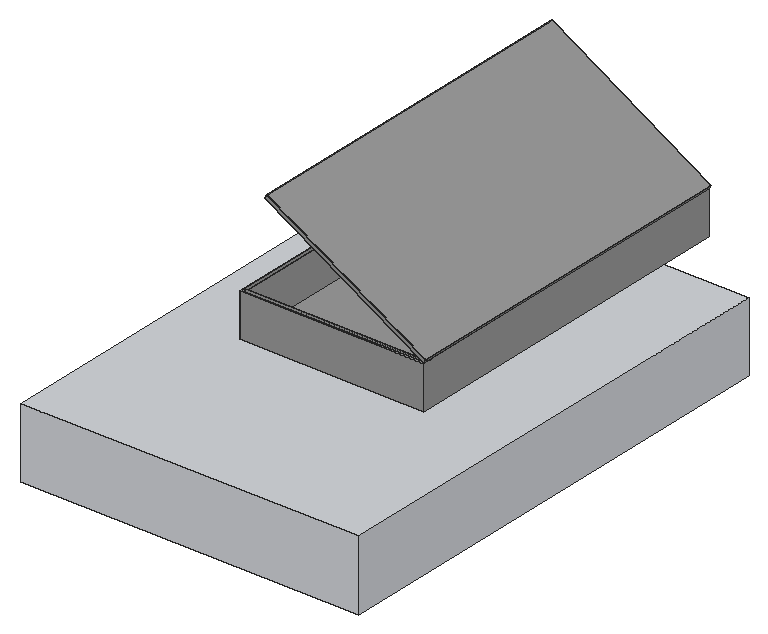
Revit family "Hager-Univers-IP44-D205-H1550-Cl.II-Encl-PT-pt", category Equipement électrique, Revit 2020
Family settings
  Hôte = Face
  Configuration du panneau = Deux colonnes, circuits au sein
  Cote de connecteur circulaire = Utiliser le diamètre
  Type d'élément = Tableau de raccordement
  Couper avec des vides une fois chargée = Non
  Partagée = Non
  Point de calcul de pièce = Non
Parameters (values of type "Montagem em superfície (gesso) IP44 L800 A1550 P205  - FP03SN2")
  Width Control [instance] = if([EF000008 - Largura] > Min Width, [EF000008 - Largura], Min Width)  # 800 mm
  Commentaires du type = [HG000003 - Gama]  # "Univers"
  Thickness Door [instance] = if([EF009171 - Espessura do material da porta/tampa] > 3 mm, 3 mm, [EF009171 - Espessura do material da porta/tampa])  # 1 mm
  Seal Frame Offset [instance] = 17 mm  # constant formula
  Plinth Visibility [instance] = [HG000027 - Altura da Plinta] > 0 mm  # no
  Model = ""
  Min Width [instance] = 100 mm  # constant formula
  Min Height [instance] = 100 mm  # constant formula
  Min Depth [instance] = (2 * [EF009170 - Espessura do material do invólucro]) + 1 mm  # 3 mm
  Internal Frame Depth [instance] = (Door System Depth * 0.5)  # 9 mm
  Height Control [instance] = if([EF000040 - Altura] > Min Height, [EF000040 - Altura], Min Height)  # 1550 mm
  HG000027 - Altura da Plinta = 0 mm
  HG000026 - Instalação no chão = no
  HG000024 - Altura da secção inferior = 800 mm
  HG000023 - Recinto de secção dupla = no
  HG000016 - Visibilidade da porta 3D [instance] = yes
  HG000015 - Visibilidade através da porta [instance] = no
  HG000014 - Porta à direita [instance] = yes
  HG000013 - Porta à esquerda [instance] = not([HG000014 - Porta à direita])  # no
  HG000012 - Ângulo de abertura de porta [instance] = 30.00°
  HG000010 - Portas assimétricas = no
  HG000009 - Porta dupla = no
  HG000006 - Encastrado = no
  HG000004 - Referência do Fabricante = "FP03SN2"
  HG000003 - Gama = "Univers"
  HG000002 - Com porta ou tampa = yes
  Frame Offset Bottom [instance] = 10 mm  # constant formula
  Frame Offset [instance] = 15 mm  # constant formula
  EF015940 - Tampa com libertação de sobrepressão = no
  EF011959 - Grau de proteção (NEMA) = ""
  EF009554 - Número de aberturas para placas de flange = 6
  Fabricant = "Hager"  # constant formula
  EF009212 - Tipo de tampa = "EV000116 - Fechado"
  EF009171 - Espessura do material da porta/tampa = 1 mm
  EF009170 - Espessura do material do invólucro = 1 mm
  EF008873 - Corrente nominal (In) = 250 A
  EF007800 - Adequado para proteção contra raios = no
  EF006306 - Com fecho = no
  EF006244 - Tampa/porta transparente = no
  EF005474 - Grau de proteção (IP) = "EV006418 - IP44"
  EF004464 - Tipo de porta = "EV002646 - Único"
  EF004427 - Número de módulos = 360
  EF004293 - Força de impacto = "EV006815 - IK09"
  EF003532 - Adequado para uso no exterior = no
  EF002950 - Largura em número de módulos = 36
  EF001613 - Integridade do circuito = "EV000494 - Nenhum"
  EF001596 - Material do corpo = "EV000179 - Aço"
  EF001131 - Profundidade interior = 143 mm
  EF001088 - Extensão possível = yes
  EF000437 - Número de entradas de condutores = 6
  EF000339 - Tipo de difusor = "EV001012 - Tampa"
  EF000266 - Número de linhas = 10
  EF000218 - Profundidade incorporada = 205 mm
  EF000118 - Com tampa de montagem = no
  EF000116 - Número RAL = "9010"
  EF000049 - Profundidade = 205 mm
  EF000040 - Altura = 1550 mm
  EF000008 - Largura = 800 mm
  EF000007 - Cor = "EV000202 - Branco"
  EF000003 - Método de montagem = "EV000384 - Montagem em superfície (gesso)"
  Door System Leaf Tolerance [instance] = 1.5 mm  # constant formula
  Door System Depth [instance] = 18 mm  # constant formula
  Door Height [instance] = Height Control - [HG000027 - Altura da Plinta]  # 1550 mm
  Depth Control [instance] = if([EF000049 - Profundidade] > Min Depth, [EF000049 - Profundidade], Min Depth)  # 205 mm
  Default Elevation = 0 mm
  Connector Offset [instance] = Height Control / 2  # 775 mm
  Bottom Top Plate Trim [instance] = 1.5 mm  # constant formula
  Plinth height Ctrl [instance] = if([HG000027 - Altura da Plinta] > 0 mm, [HG000027 - Altura da Plinta], 12 mm)  # 12 mm
Types (5, lengths in mm): name | Width Control | HG000009 - Porta dupla | HG000004 - Referência do Fabricante | EF009554 - Número de aberturas para placas de flange | EF008873 - Corrente nominal (In) | EF004464 - Tipo de porta | EF004427 - Número de módulos | EF002950 - Largura em número de módulos | EF001131 - Profundidade interior | EF000437 - Número de entradas de condutores | EF000008 - Largura
  Montagem em superfície (gesso) IP44 L1050 A1550 P205  - FP04SN2 | 1050 | yes | "FP04SN2" | 8 | 400 A | "EV003602 - Duplo" | 480 | 48 | 143 | 8 | 1050
  Montagem em superfície (gesso) IP44 L1300 A1550 P205  - FP05SN2 | 1300 | yes | "FP05SN2" | 10 | 400 A | "EV003602 - Duplo" | 600 | 60 | 143 | 10 | 1300
  Montagem em superfície (gesso) IP44 L300 A1550 P205  - FP01SN2 | 300 | no | "FP01SN2" | 2 | 250 A | "EV002646 - Único" | 120 | 12 | 130 | 2 | 300
  Montagem em superfície (gesso) IP44 L550 A1550 P205  - FP02SN2 | 550 | no | "FP02SN2" | 4 | 250 A | "EV002646 - Único" | 240 | 24 | 143 | 4 | 550
  Montagem em superfície (gesso) IP44 L800 A1550 P205  - FP03SN2 | 800 | no | "FP03SN2" | 6 | 250 A | "EV002646 - Único" | 360 | 36 | 143 | 6 | 800
Reference planes
  plane 1 "Center (Front/Back)": y = 0
  plane 2: z = 0
  plane 3 "Center (Left/Right)": x = 0
  plane 4: z = 205
  plane 5: y = 1
  plane 6: y = 775
  plane 7: y = 0
  plane 8: y = 1550
  plane 9: z = 0
  plane 10: x = -385
  plane 11: x = 385
  plane 12: x = 384
  plane 13: x = -384
  plane 14: y = 1549
  plane 15: x = -383
  plane 16: x = -400
  plane 17: x = 383
  plane 18: x = 400
  plane 19: x = 399
  plane 20: x = -399
  plane 21: y = 11
  plane 22: y = 1550
  plane 23: y = 1534
  plane 24: z = 187
  plane 25: z = 1
  plane 26: z = 186
  plane 27: z = 204
Forms (mm)
  Extrusion 1, solid
    sketch origin (0, 0, 0) x (1, 0, 0) y (0, 1, 0)
      loop
        line (-702.964, 1305) -> (-702.964, -811.445) -> (766.763, -811.445) -> (766.763, 1305) -> (-702.964, 1305)
    from 0 to -304.8
  Extrusion 2, solid, material "Hager_Steel_RAL7035_Light_Grey", visible <- "Plinth Visibility", detail levels medium+fine
    sketch origin (0, 0, 0) x (1, 0, 0) y (0, 1, 0)
      loop
        line (-400, 0) -> (400, 0) -> (400, 12) -> (-400, 12) -> (-400, 0)
    from 0 to 187
  Extrusion 3, solid, material "Hager_Steel_RAL7035_Light_Grey", detail levels medium+fine
    sketch origin (0, 0, 0) x (1, 0, 0) y (0, 1, 0)
      loop
        line (-400, 0) -> (400, 0) -> (400, 1550) -> (-400, 1550) -> (-400, 0)
    from 0 to 187
  Extrusion 4, void
    sketch origin (0, 0, 0) x (1, 0, 0) y (0, 1, 0)
      loop
        line (-399, 1) -> (399, 1) -> (399, 1549) -> (-399, 1549) -> (-399, 1)
    from 1 to 186
  Extrusion 5, void
    sketch origin (-381.607, -4572, 187) x (0, -1, 0) y (-1, 0, 0)
      loop
        line (-4583, 2.393) -> (-6106, 2.393) -> (-6106, -765.607) -> (-4583, -765.607) -> (-4583, 2.393)
    from 0 to 1 <- "EF009170 - Espessura do material do invólucro"
  Extrusion 6, solid, material "Hager_Steel_RAL7035_Light_Grey", detail levels fine
    sketch origin (0, 0, 187) x (1, 0, 0) y (0, 1, 0)
      loop
        line (-384, 1534) -> (-384, 11) -> (384, 11) -> (384, 1534) -> (-384, 1534)
      loop
        line (-385, 10) -> (385, 10) -> (385, 1535) -> (-385, 1535) -> (-385, 10)
    from 0 to 9 <- "Internal Frame Depth"
  Extrusion 7, solid, material "Hager_Steel_RAL7035_Light_Grey", detail levels coarse
    sketch origin (0, 0, 0) x (1, 0, 0) y (0, 1, 0)
      loop
        line (-400, 0) -> (400, 0) -> (400, 1550) -> (-400, 1550) -> (-400, 0)
    from 0 to 205
  Sweep 8, void
    path in 3D
      loop
        line (-400, 12, 0) -> (400, 12, 0) -> (400, 12, 187) -> (-400, 12, 187) -> (-400, 12, 0)
    profile origin (-400, 12, 93.5) x (-1, 0, 0) y (0, -1, 0)
      loop
        line (0, 0) -> (0, 1.5) -> (-1.5, 1.5)
        arc (-1.5, 1.5) -> (-1.061, 0.439) -> (0, 0) r 1.5
Cuts and joins
  Extrusion 4, Extrusion 5 cuts Extrusion 3
  Sweep 8 cuts Extrusion 2
Lines and regions (mm)
  Masking region 1
    outline origin (0, 0, 0) x (1, 0, 0) y (0, 0, 1)
      loop
        line (-400, 205) -> (-400, 0) -> (400, 0) -> (400, 205) -> (-400, 205)
  Masking region 2, detail levels medium+fine
    outline origin (0, 140, 0) x (0, 1, 0) y (0, 0, 1)
      loop
        line (-140, 0) -> (1410, 0) -> (1410, 187) -> (-140, 187) -> (-140, 0)
  Masking region 3, not visible, detail levels medium+fine
    outline origin (0, 297.922, 0) x (0, 1, 0) y (0, 0, 1)
      loop
        line (488.578, 0) -> (528.578, 0) -> (528.578, 194)
        arc (528.578, 194) -> (525.649, 201.071) -> (518.578, 204) r 10
        line (518.578, 204) -> (488.578, 204) -> (488.578, 0)
  Masking region 4, detail levels coarse
    outline origin (0, 0, 180) x (0, 1, 0) y (0, 0, 1)
      loop
        line (0, -180) -> (1550, -180) -> (1550, 25) -> (0, 25) -> (0, -180)
  Masking region 5, visible <- "Plinth Visibility", detail levels medium+fine
    outline origin (0, 52.24, 12.345) x (0, 0, -1) y (0, 1, 0)
      loop
        line (10.845, -40.24) -> (-173.155, -40.24)
        arc (-173.155, -40.24) -> (-173.594, -41.301) -> (-174.655, -41.74) r 1.5
        line (-174.655, -41.74) -> (-174.655, -52.24) -> (12.345, -52.24) -> (12.345, -41.74)
        arc (12.345, -41.74) -> (11.285, -41.301) -> (10.845, -40.24) r 1.5
  Masking region 6, detail levels medium+fine
    outline origin (-381.607, -4572, 187) x (-1, 0, 0) y (0, -1, 0)
      loop
        line (18.393, -6122) -> (18.393, -4572) -> (-781.607, -4572) -> (-781.607, -6122) -> (18.393, -6122)
  Masking region 7, visible <- "Plinth Visibility", detail levels medium+fine
    outline origin (-381.607, -4727, 187) x (-1, 0, 0) y (0, -1, 0)
      loop
        arc (16.893, -4739) -> (17.332, -4737.939) -> (18.393, -4737.5) r 1.5
        line (18.393, -4737.5) -> (18.393, -4727) -> (-781.607, -4727) -> (-781.607, -4737.5)
        arc (-781.607, -4737.5) -> (-780.546, -4737.939) -> (-780.107, -4739) r 1.5
        line (-780.107, -4739) -> (16.893, -4739)
  Masking region 8, detail levels coarse
    outline origin (-442.548, -4669.526, 187) x (-1, 0, 0) y (0, -1, 0)
      loop
        line (-42.548, -6219.526) -> (-42.548, -4669.526) -> (-842.548, -4669.526) -> (-842.548, -6219.526) -> (-42.548, -6219.526)
  sketch lines
    curve 1: line (-400, 12, 187) -> (-400, 12, 0)
    curve 2: line (400, 12, 187) -> (-400, 12, 187)
    curve 3: line (400, 12, 187) -> (400, 12, 0)
    curve 4: line (-400, 12, 0) -> (400, 12, 0)
Dimensions and locks
  "Depth Control": plane 4 to Extrusion 1
  "HG000027 - Altura da Plinta": plane 1 "Center (Front/Back)" to plane 7
  "EF009170 - Espessura do material do invólucro": plane 5 to plane 7
  locked: connector elem to plane 3 "Center (Left/Right)"
  equal spacing: plane 8, plane 6, plane 7
  locked: connector elem to plane 6
  "EF009170 - Espessura do material do invólucro": plane 8 to plane 14
  "EF009170 - Espessura do material do invólucro": plane 10 to plane 13
  "EF009170 - Espessura do material do invólucro": plane 12 to plane 11
  "Frame Offset": plane 20 to plane 13
  "Frame Offset": plane 12 to plane 19
  "EF009170 - Espessura do material do invólucro": plane 16 to plane 20
  "EF009170 - Espessura do material do invólucro": plane 19 to plane 18
  "Seal Frame Offset": plane 16 to plane 15
  "Seal Frame Offset": plane 17 to plane 18
  "Frame Offset Bottom": plane 21 to plane 5
  "Frame Offset": plane 14 to plane 23
  equal spacing: plane 16, plane 3 "Center (Left/Right)", plane 18
  "Width Control": plane 16 to plane 18
  "EF009170 - Espessura do material do invólucro": plane 4 to plane 27
  "EF009170 - Espessura do material do invólucro": plane 24 to plane 26
  "EF009170 - Espessura do material do invólucro": plane 25 to level
  "Door System Depth": plane 4 to plane 24
  "Height Control": plane 1 "Center (Front/Back)" to Extrusion 7 sketch curve
  "Height Control": Masking region 4 sketch curve to plane 1 "Center (Front/Back)"
  "Height Control": plane 1 "Center (Front/Back)" to plane 22
  "Bottom Top Plate Trim": profile plane to Sweep 8 sketch curve
  "Bottom Top Plate Trim": Sweep 8 sketch curve to profile plane
  "Plinth height Ctrl": plane 1 "Center (Front/Back)" to Extrusion 2 sketch curve
  "Plinth height Ctrl": Masking region 5 sketch curve to plane 1 "Center (Front/Back)"
  "Plinth height Ctrl": plane 1 "Center (Front/Back)" to Masking region 7 sketch curve
  "Thickness Door": Extrusion 6 sketch curve to Extrusion 6 sketch curve  (x3)
  "Thickness Door": cut or joined group of Extrusion 3, Extrusion 4, Extrusion 5 to Extrusion 6 sketch curve
  radius of Masking region 3 sketch curve = 10 mm
  "Bottom Top Plate Trim": radius of Masking region 5 sketch curve  (x2)
  "Bottom Top Plate Trim": radius of Sweep 8 sketch curve
  "Bottom Top Plate Trim": radius of Masking region 7 sketch curve  (x2)
  aligned and locked: plane 2 to Extrusion 1
  aligned and locked: level to Extrusion 1
  aligned and locked: level to Masking region 1 sketch curve
  aligned and locked: Masking region 1 sketch curve to plane 18
  aligned and locked: Masking region 1 sketch curve to plane 16
  aligned and locked: plane 7 to Masking region 2 sketch curve
  aligned and locked: level to Masking region 3 sketch curve
  aligned and locked: Masking region 3 sketch curve to plane 27
  aligned and locked: level to Masking region 2 sketch curve
  aligned and locked: plane 1 "Center (Front/Back)" to Extrusion 2 sketch curve
  aligned and locked: Extrusion 3 sketch curve to plane 7
  aligned and locked: plane 16 to Extrusion 3 sketch curve
  aligned and locked: plane 18 to Extrusion 3 sketch curve
  aligned and locked: plane 20 to Extrusion 4 sketch curve
  aligned and locked: plane 19 to Extrusion 4 sketch curve
  aligned and locked: Extrusion 4 sketch curve to plane 5
  aligned and locked: Extrusion 4 to plane 25
  aligned and locked: plane 26 to Extrusion 4
  aligned and locked: plane 24 to Extrusion 3
  aligned and locked: Extrusion 5 sketch curve to plane 21
  aligned and locked: Extrusion 5 sketch curve to plane 13
  aligned and locked: Extrusion 5 sketch curve to plane 12
  aligned and locked: plane 18 to Extrusion 7 sketch curve
  aligned and locked: plane 1 "Center (Front/Back)" to Extrusion 7 sketch curve
  aligned and locked: plane 16 to Extrusion 7 sketch curve
  aligned and locked: plane 4 to Extrusion 7
  aligned and locked: Extrusion 7 to level
  aligned and locked: level to Masking region 4 sketch curve
  aligned and locked: Masking region 4 sketch curve to plane 1 "Center (Front/Back)"
  aligned and locked: Masking region 4 sketch curve to plane 4
  aligned and locked: nested 1 to level
  aligned and locked: nested 1 to plane 16
  aligned and locked: plane 8 to Extrusion 3 sketch curve
  aligned and locked: plane 23 to Extrusion 5 sketch curve
  aligned and locked: plane 14 to Extrusion 4 sketch curve
  aligned and locked: Masking region 2 sketch curve to plane 8
  aligned and locked: level to Masking region 5 sketch curve
  aligned and locked: plane 16 to Extrusion 2 sketch curve
  aligned and locked: plane 18 to Extrusion 2 sketch curve
  aligned and locked: Masking region 5 sketch curve to plane 24
  aligned and locked: Masking region 2 sketch curve to plane 24
  aligned and locked: plane 24 to Extrusion 2
  aligned and locked: profile plane to Sweep 8 sketch curve  (x2)
  aligned and locked: Masking region 6 sketch curve to plane 18
  aligned and locked: Masking region 6 sketch curve to plane 22
  aligned and locked: Masking region 6 sketch curve to plane 16
  aligned and locked: plane 8 to plane 22
  aligned and locked: Masking region 6 sketch curve to plane 7
  aligned and locked: Masking region 7 sketch curve to plane 16
  aligned and locked: Masking region 7 sketch curve to plane 1 "Center (Front/Back)"
  aligned and locked: Masking region 7 sketch curve to plane 18
  aligned and locked: Masking region 8 sketch curve to plane 1 "Center (Front/Back)"
  aligned and locked: Masking region 8 sketch curve to plane 18
  aligned and locked: Masking region 8 sketch curve to plane 22
  aligned and locked: Masking region 8 sketch curve to plane 16
  aligned and locked: nested 2 to plane 7
  aligned and locked: plane 3 "Center (Left/Right)" to nested 2
  aligned and locked: nested 2 to plane 24
  aligned and locked: Extrusion 6 sketch curve to cut or joined group of Extrusion 3, Extrusion 4, Extrusion 5  (x4)
Automatic sketch dimensions
  Extrusion 1 sketch curve to Extrusion 1 sketch curve = 1469.727 mm
  Extrusion 1 sketch curve to Extrusion 1 sketch curve = 2116.445 mm
  Masking region 1 sketch curve to plane 4 = 0 mm
  plane 6 to Masking region 3 sketch curve = 11.5 mm
  Masking region 3 sketch curve to Masking region 3 sketch curve = 30 mm
  Masking region 5 sketch curve to plane 1 "Center (Front/Back)" = 0 mm
Nested families
  nested 1: "Hager_Enclosure_Symbol" at (-400, 0, 0) x (1, 0, 0) z (0, -1, 0), Height <- "Depth Control", Width <- "Width Control", type "Hager_Enclosure_Symbol"
    with Width_Ctrl 800 mm, Width 800 mm, Height_Ctrl 205 mm, Height 205 mm, A_Width_Int 13.453 mm, A_Width 161.438 mm, A_Height_Ctrl 179.375 mm, A_Height 179.375 mm
  nested 2: "EC000058_Univers_Door" at (0, 0, 187) x (1, 0, 0) z (0, 1, 0), Leaf_Tolerance <- "Door System Leaf Tolerance", Angle <- "HG000012 - Ângulo de abertura de porta", Door_Depth <- "Door System Depth", Door_Left <- "HG000013 - Porta à esquerda", Transparent <- "EF006244 - Tampa/porta transparente", Assymetrical <- "HG000010 - Portas assimétricas", Width <- "Width Control", Clearance <- "HG000015 - Visibilidade através da porta", Double <- "HG000009 - Porta dupla", 3d_Door <- "HG000016 - Visibilidade da porta 3D", Lock_Visibility <- "EF006306 - Com fecho", Width_Ctrl <- "Width Control", Door_Right <- "HG000014 - Porta à direita", Door <- "HG000002 - Com porta ou tampa", Height <- "Door Height", Thickness <- "Thickness Door", type "EC000058_Univers_Door", detail levels medium+fine
    with min_wh 3 mm, Width_Ctrl 800 mm, Width 800 mm, Transparent no, Thickness 1 mm, Seal_Material Hager_Rubber, Lock_Visibility no, Lock_Material Hager_Plastic_RAL9005_Jet_Black, Leaf_Width 800 mm, Leaf_Tolerance_External_Sides 0 mm, Leaf_Tolerance 1.5 mm, Leaf_Offset 0 mm, Leaf_Height 1547 mm, Leaf_2_Width 800 mm, Leaf_2_Offset 400 mm, Leaf_1_Width 800 mm, Leaf_1_Offset 400 mm, Height_Ctrl 1550 mm, Height 1550 mm, Glass_Material Hager_Glass, Double_Clearance_Ctrl no, Double no, Door_Right_Ctrl yes, Door_Right yes, Door_Material Hager_Steel_RAL7035_Light_Grey, Door_Left_Ctrl no, Door_Left no, Door_Depth 18 mm, Door yes, Clearance_Material Hager_Clearance, Clearance_Depth 800 mm, Clearance_Ctrl no, Clearance no, Assymetrical no, Angle 30.00°, 3d_Door yes
Connectors
  electrical at (0, 775, 0)
    settings: on plane 9, index 1, voltage 0 V, apparent load 0 VA, apparent load phase1 0 VA, apparent load phase2 0 VA, apparent load phase3 0 VA, power factor 1, load classification "Other", number of poles 1, system type 30, power factor state 1, is connector primary yes, connector utility no, sub classification motor no, connector description ""
Definition of nested family "EC000058_Univers_Door"
  Parameters (values of type "EC000058_Univers_Door")
    min_wh [instance] = (2 * Thickness) + 1 mm  # 11 mm
    Width_Ctrl [instance] = 400 mm
    Width [instance] = 500 mm
    Transparent [instance] = yes
    Thickness [instance] = 5 mm
    Seal_Material [instance] = none
    Lock_Visibility [instance] = yes
    Lock_Material [instance] = none
    Leaf_Width [instance] = if((Width_Ctrl - 2 * Leaf_Tolerance_External_Sides) > 0 mm, (Width_Ctrl - 2 * Leaf_Tolerance_External_Sides), min_wh)  # 400 mm
    Leaf_Tolerance_External_Sides [instance] = 0 mm  # constant formula
    Leaf_Tolerance [instance] = 1.5 mm
    Leaf_Offset [instance] = 0 mm  # constant formula
    Leaf_Height [instance] = if((Height_Ctrl - 2 * Leaf_Tolerance) > 0 mm, (Height_Ctrl - 2 * Leaf_Tolerance), min_wh)  # 497 mm
    Leaf_2_Width [instance] = if(and(and(Double, Assymetrical), Door_Left), (Leaf_Width / 3) - (Leaf_Tolerance / 2), if(and(and(Double, Assymetrical), Door_Right), (Leaf_Width / 3) * 2 - (Leaf_Tolerance / 2), if(and(Double, not(Assymetrical)), (Leaf_Width / 2) - Leaf_Tolerance, Leaf_Width)))  # 400 mm
    Leaf_2_Offset [instance] = if(and(Double, Assymetrical), Leaf_2_Width / 2, if(and(Double, not(Assymetrical)), Leaf_Width / 4, Leaf_Width / 2))  # 200 mm
    Leaf_1_Width [instance] = if(and(and(Double, Assymetrical), Door_Right), (Leaf_Width / 3) - (Leaf_Tolerance / 2), if(and(and(Double, Assymetrical), Door_Left), (Width / 3) * 2 - (Leaf_Tolerance / 2), if(and(Double, not(Assymetrical)), (Leaf_Width / 2) - Leaf_Tolerance, Leaf_Width)))  # 400 mm
    Leaf_1_Offset [instance] = if(and(Double, Assymetrical), Leaf_1_Width / 2, if(and(Double, not(Assymetrical)), Leaf_Width / 4, Leaf_Width / 2))  # 200 mm
    Height_Ctrl [instance] = if(Height > min_wh, Height, min_wh)  # 500 mm
    Height [instance] = 500 mm
    Glass_Material [instance] = none
    Double_Clearance_Ctrl [instance] = and(Double, Clearance)  # no
    Double [instance] = no
    Door_Right_Ctrl [instance] = and(or(Door_Right, Double), Door)  # yes
    Door_Right [instance] = yes
    Door_Material [instance] = none
    Door_Left_Ctrl [instance] = and(or(Door_Left, Double), Door)  # no
    Door_Left [instance] = no
    Door_Depth [instance] = 30 mm
    Door [instance] = yes
    Default Elevation = 1219.2 mm
    Clearance_Material [instance] = none
    Clearance_Depth [instance] = if(Leaf_1_Width > Leaf_2_Width, Leaf_1_Width, Leaf_2_Width)  # 400 mm
    Clearance_Ctrl [instance] = and(not(Double), Clearance)  # yes
    Clearance [instance] = yes
    Assymetrical [instance] = yes
    Angle [instance] = 30.00°
    3d_Door [instance] = yes
  Reference planes
    plane 1 "Center (Front/Back)": y = 0
    plane 2 "Bottom": z = 0
    plane 3 "Center (Left/Right)": x = 0
    plane 4: z = 500
    plane 5: x = -200
    plane 6: x = 200
    plane 7: z = 500
    plane 8: x = -200
    plane 9: z = 0
    plane 10: x = 200
    plane 11: y = 0
    plane 12: z = 1.5
    plane 13: x = -600
    plane 14: y = -400
    plane 15: x = 600
    plane 16: x = 0
    plane 17: x = 0
    plane 18: x = -200
    plane 19: x = 200
    plane 20: z = 498.5
  Forms (mm)
    Extrusion 1, solid, material <- "Clearance_Material", visible <- "Double_Clearance_Ctrl"
      sketch origin (1200, 0, 0) x (1, 0, 0) y (0, 0, -1)
        loop
          line (-1800, -498.5) -> (-600, -498.5) -> (-600, 0) -> (-1800, 0) -> (-1800, -498.5)
      from 0 to -400
  Dimensions and locks
    equal spacing: plane 5, plane 3 "Center (Left/Right)", plane 6
    "Width_Ctrl": plane 5 to plane 6
    "Leaf_Offset": plane 5 to plane 8
    "Leaf_Offset": plane 6 to plane 10
    "Leaf_Offset": plane 9 to level
    "Leaf_Offset": plane 4 to plane 7
    "Height_Ctrl": plane 4 to level
    "Leaf_Tolerance": plane 12 to plane 9
    locked: plane 11 to plane 1 "Center (Front/Back)"
    "Leaf_1_Offset": plane 18 to plane 16
    "Leaf_2_Offset": plane 17 to plane 19
    "Leaf_1_Width": plane 13 to plane 8
    "Leaf_2_Width": plane 10 to plane 15
    "Clearance_Depth": plane 14 to plane 1 "Center (Front/Back)"
    "Leaf_Tolerance_External_Sides": plane 8 to plane 18
    "Leaf_Tolerance_External_Sides": plane 19 to plane 10
    "Leaf_Tolerance": plane 7 to plane 20
    aligned and locked: level to plane 2 "Bottom"
    aligned and locked: nested 1 to plane 16
    aligned and locked: nested 2 to plane 17
    aligned and locked: Extrusion 1 to plane 13
    aligned and locked: plane 15 to Extrusion 1
    aligned and locked: Extrusion 1 to plane 14
    aligned and locked: plane 12 to nested 1
    aligned and locked: nested 2 to plane 12
    aligned and locked: Extrusion 1 to plane 11
    aligned and locked: plane 20 to Extrusion 1
    aligned and locked: nested 2 to plane 11
    aligned and locked: nested 1 to plane 11
  Automatic sketch dimensions
    Extrusion 1 sketch curve to level = 0 mm
    plane 5 to Extrusion 1 sketch curve = 400 mm
    plane 6 to Extrusion 1 sketch curve = 400 mm
    Extrusion 1 sketch curve to plane 4 = 1.5 mm
  Nested families
    nested 1: "EC000058_Univers_Door_Leaf" at (0, 0, 1.5), Width <- "Leaf_1_Width", visible <- "Door_Left_Ctrl", Leaf_Height <- "Leaf_Height", Angle <- "Angle", 3d_Door <- "3d_Door", Transparent <- "Transparent", Clearance Material <- "Clearance_Material", Clearance <- "Clearance_Ctrl", Door_Material <- "Door_Material", Glass_Material <- "Glass_Material", Door_Depth <- "Door_Depth", Lock_Material <- "Lock_Material", Seal_Material <- "Seal_Material", Lock_Visibility <- "Lock_Visibility", Thickness <- "Thickness", type "EC000058_Univers_Door_Leaf"
      with Width 400 mm, Transparent_Glass_Offset 30 mm, Transparent_Ctrl yes, Transparent yes, Thickness 5 mm, Standard no, Seal_Material none, Seal_D2 8 mm, Seal_D1 1 mm, Offset_Internal_Frame 10 mm, Lock_Width 20 mm, Lock_Visibility_3d yes, Lock_Visibility yes, Lock_Thickness_3 3 mm, Lock_Thickness_2 1 mm, Lock_Thickness_1 3 mm, Lock_Radius_Offset_2 16 mm, Lock_Radius_Offset_1 15 mm, Lock_Radius_2 5 mm, Lock_Radius 6 mm, Lock_Offset 5 mm, Lock_Material none, Lock_Height 80 mm, Lock_Cover_Top_Offset_2d 17 mm, Lock_Cover_Height -65 mm, Leaf_Height 497 mm, Internal_Seal_Thickness 8 mm, Internal_Seal_Depth_2 4.5 mm, Internal_Frame_Depth 25 mm, Glass_Thickness -1 mm, Glass_Offset -2 mm, Glass_Material none, Door_Material none, Door_Depth 30 mm, Clearance Material none, Clearance yes, Angle_Ctrl 30.00°, Angle 30.00°, 3d_Door yes
    nested 2: "EC000058_Univers_Door_Leaf" at (0, 0, 1.5) x (-1, 0, 0) z (0, 0, 1), Width <- "Leaf_2_Width", visible <- "Door_Right_Ctrl", Leaf_Height <- "Leaf_Height", Angle <- "Angle", 3d_Door <- "3d_Door", Transparent <- "Transparent", Clearance Material <- "Clearance_Material", Clearance <- "Clearance_Ctrl", Door_Material <- "Door_Material", Glass_Material <- "Glass_Material", Door_Depth <- "Door_Depth", Lock_Material <- "Lock_Material", Seal_Material <- "Seal_Material", Lock_Visibility <- "Lock_Visibility", Thickness <- "Thickness", type "EC000058_Univers_Door_Leaf"
      with Width 400 mm, Transparent_Glass_Offset 30 mm, Transparent_Ctrl yes, Transparent yes, Thickness 5 mm, Standard no, Seal_Material none, Seal_D2 8 mm, Seal_D1 1 mm, Offset_Internal_Frame 10 mm, Lock_Width 20 mm, Lock_Visibility_3d yes, Lock_Visibility yes, Lock_Thickness_3 3 mm, Lock_Thickness_2 1 mm, Lock_Thickness_1 3 mm, Lock_Radius_Offset_2 16 mm, Lock_Radius_Offset_1 15 mm, Lock_Radius_2 5 mm, Lock_Radius 6 mm, Lock_Offset 5 mm, Lock_Material none, Lock_Height 80 mm, Lock_Cover_Top_Offset_2d 17 mm, Lock_Cover_Height -65 mm, Leaf_Height 497 mm, Internal_Seal_Thickness 8 mm, Internal_Seal_Depth_2 4.5 mm, Internal_Frame_Depth 25 mm, Glass_Thickness -1 mm, Glass_Offset -2 mm, Glass_Material none, Door_Material none, Door_Depth 30 mm, Clearance Material none, Clearance yes, Angle_Ctrl 30.00°, Angle 30.00°, 3d_Door yes
  Definition of nested family "EC000058_Univers_Door_Leaf"
    Parameters (values of type "EC000058_Univers_Door_Leaf")
      Width [instance] = 2000 mm
      Transparent_Glass_Offset [instance] = 30 mm
      Transparent_Ctrl [instance] = and(Transparent, [3d_Door])  # yes
      Transparent [instance] = yes
      Thickness [instance] = 5 mm
      Standard [instance] = and(not(Transparent), [3d_Door])  # no
      Seal_Material [instance] = none
      Seal_D2 [instance] = 8 mm  # constant formula
      Seal_D1 [instance] = 1 mm  # constant formula
      Offset_Internal_Frame [instance] = 10 mm  # constant formula
      Lock_Width [instance] = 20 mm  # constant formula
      Lock_Visibility_3d [instance] = and(Lock_Visibility, [3d_Door])  # yes
      Lock_Visibility [instance] = yes
      Lock_Thickness_3 [instance] = 3 mm  # constant formula
      Lock_Thickness_2 [instance] = 1 mm  # constant formula
      Lock_Thickness_1 [instance] = 3 mm  # constant formula
      Lock_Radius_Offset_2 [instance] = Lock_Radius_Offset_1 + 1 mm  # 16 mm
      Lock_Radius_Offset_1 [instance] = 15 mm  # constant formula
      Lock_Radius_2 [instance] = Lock_Radius - 1 mm  # 5 mm
      Lock_Radius [instance] = 6 mm  # constant formula
      Lock_Offset [instance] = 5 mm  # constant formula
      Lock_Material [instance] = none
      Lock_Height [instance] = 80 mm  # constant formula
      Lock_Cover_Top_Offset_2d [instance] = Lock_Radius_Offset_2 + 1 mm  # 17 mm
      Lock_Cover_Height [instance] = -(Lock_Height - Lock_Radius_Offset_1)  # -65 mm
      Leaf_Height [instance] = 2720.336 mm
      Internal_Seal_Thickness [instance] = 8 mm  # constant formula
      Internal_Seal_Depth_2 [instance] = 4.5 mm  # constant formula
      Internal_Frame_Depth [instance] = if(Door_Depth - Thickness > 5 mm, Door_Depth - Thickness, 5 mm)  # 25 mm
      Glass_Thickness [instance] = if(Thickness > 15 mm, Glass_Offset + 10 mm, -1 mm)  # -1 mm
      Glass_Offset [instance] = if(Thickness > 15 mm, -(Thickness + 10 mm) / 2, -2 mm)  # -2 mm
      Glass_Material [instance] = none
      Door_Material [instance] = none
      Door_Depth [instance] = 30 mm
      Default Elevation = 0 mm
      Clearance Material [instance] = none
      Clearance [instance] = yes
      Angle_Ctrl [instance] = if(Angle > 180.00°, 180.00°, Angle)  # 90.00°
      Angle [instance] = 90.00°
      3d_Door [instance] = yes
    Reference planes
      plane 1 "Center (Front/Back)": y = 0
      plane 2: z = 0
      plane 3 "Center (Left/Right)": x = 0
      plane 4: y = 2000
      plane 5: x = -1000
      plane 6: x = 1000
      plane 7: x = -3000
      plane 8: z = 2720.336
      plane 9: z = 30
      plane 10: z = 2690.336
      plane 11: x = 970
      plane 12: x = -970
      plane 13: y = -3
      plane 14: z = 107.833
      plane 15: y = -5
      plane 16: y = -223.314
      plane 17: x = -1000
      plane 18: z = 1360.168
      plane 19: y = 30
    Forms (mm)
      Extrusion 1, solid, material <- "Clearance Material", visible <- "Clearance"
        sketch origin (0, 0, 0) x (1, 0, 0) y (0, 0, 1)
          loop
            line (-3000, 2720.336) -> (-3000, 0) -> (1000, 0) -> (1000, 2720.336) -> (-3000, 2720.336)
        from 0 to -2000
      Extrusion 2, solid, material <- "Door_Material", visible <- "Standard", detail levels medium+fine
        sketch origin (-1000, 0, 0) x (0, 1, 0) y (-1, 0, 0)
          loop
            line (0, 30) -> (0, 25) -> (2000, 25) -> (2000, 30) -> (0, 30)
        from 0 to 2720.336 <- "Leaf_Height"
      Extrusion 3, solid, material <- "Door_Material", visible <- "Transparent_Ctrl", detail levels medium+fine
        sketch origin (-1000, 0, 0) x (0, 1, 0) y (-1, 0, 0)
          loop
            line (0, 25) -> (2000, 25) -> (2000, 30) -> (0, 30) -> (0, 25)
        from 0 to 2720.336 <- "Leaf_Height"
      Extrusion 4, void
        sketch origin (-1025, 2000, 0) x (0, 1, 0) y (0, 0, -1)
          loop
            line (-30, -2690.336) -> (-30, -30) -> (-1970, -30) -> (-1970, -2690.336) -> (-30, -2690.336)
        from 0 to 5 <- "Thickness"
      Sweep 5, solid, material <- "Seal_Material", visible <- "Transparent_Ctrl", detail levels fine
        path in 3D
          loop
            line (-1025, 30, 30) -> (-1025, 30, 2690.336) -> (-1025, 1970, 2690.336) -> (-1025, 1970, 30) -> (-1025, 30, 30)
        profile origin (-1025, 1000, 30) x (1, 0, 0) y (0, 0, 1)
          loop
            line (0, 0) -> (0, -8) -> (1, -8) -> (1, 0) -> (0, 0)
      Extrusion 6, solid, material <- "Glass_Material", visible <- "Transparent_Ctrl", detail levels medium+fine
        sketch origin (-1030, 0, 0) x (0, 1, 0) y (0, 0, -1)
          loop
            line (1970, -2690.336) -> (1970, -30) -> (30, -30) -> (30, -2690.336) -> (1970, -2690.336)
        from -2 <- "Glass_Offset" to -1 <- "Glass_Thickness"
      Extrusion 7, solid, material <- "Door_Material", visible <- "3d_Door", detail levels medium+fine
        sketch origin (-1025, 2000, 0) x (0, -1, 0) y (0, 0, -1)
          loop
            line (0, -2720.336) -> (2000, -2720.336) -> (2000, 0) -> (0, 0) -> (0, -2720.336)
          loop
            line (1995, -5) -> (5, -5) -> (5, -2715.336) -> (1995, -2715.336) -> (1995, -5)
        from 0 to 25 <- "Internal_Frame_Depth"
      Sweep 8, solid, material <- "Seal_Material", visible <- "Transparent_Ctrl", detail levels fine
        path in 3D
          loop
            line (-1025, 0, 0) -> (-1025, 2000, 0) -> (-1025, 2000, 2720.336) -> (-1025, 0, 2720.336) -> (-1025, 0, 0)
        profile origin (-1025, 0, 1360.168) x (1, 0, 0) y (0, 1, 0)
          loop
            line (0, 10) -> (2.975, 10)
            arc (2.975, 10) -> (4.053, 10.447) -> (4.5, 11.525) r 1.525
            line (4.5, 11.525) -> (4.5, 16.527)
            arc (4.5, 16.527) -> (4.069, 17.569) -> (3.027, 18) r 1.473
            line (3.027, 18) -> (0, 18) -> (0, 10)
      Extrusion 9, solid, material <- "Lock_Material", visible <- "Lock_Visibility_3d", detail levels fine
        sketch origin (-1030, 0, 0) x (0, 1, 0) y (0, 0, -1)
          loop
            arc (1993.5, -1400.168) -> (1994.561, -1399.729) -> (1995, -1398.668) r 1.5
            line (1995, -1398.668) -> (1995, -1320.168) -> (1975, -1320.168) -> (1975, -1398.668)
            arc (1975, -1398.668) -> (1975.439, -1399.729) -> (1976.5, -1400.168) r 1.5
            line (1976.5, -1400.168) -> (1993.5, -1400.168)
        from 3 <- "Lock_Thickness_1" to 0
      Blend 10, solid, material <- "Lock_Material", visible <- "Lock_Visibility_3d", detail levels fine
        base sketch origin (-1033, 0, 0) x (0, 1, 0) y (0, 0, -1)
          loop
            line (1975, -1320.168) -> (1975, -1398.668)
            arc (1975, -1398.668) -> (1975.439, -1399.729) -> (1976.5, -1400.168) r 1.5
            line (1976.5, -1400.168) -> (1993.5, -1400.168)
            arc (1993.5, -1400.168) -> (1994.561, -1399.729) -> (1995, -1398.668) r 1.5
            line (1995, -1398.668) -> (1995, -1320.168) -> (1975, -1320.168)
        top sketch origin (-1033, 0, 0) x (0, 1, 0) y (0, 0, -1)
          loop
            line (1976, -1320.168) -> (1976, -1398.668)
            arc (1976, -1398.668) -> (1976.146, -1399.022) -> (1976.5, -1399.168) r 0.5
            line (1976.5, -1399.168) -> (1993.5, -1399.168)
            arc (1993.5, -1399.168) -> (1993.854, -1399.022) -> (1994, -1398.668) r 0.5
            line (1994, -1398.668) -> (1994, -1320.168) -> (1976, -1320.168)
        from 0 to 1 <- "Lock_Thickness_2"
      Blend 11, solid, material <- "Lock_Material", visible <- "Lock_Visibility_3d", detail levels fine
        base sketch origin (-1034, 0, 0) x (0, 1, 0) y (0, 0, -1)
          loop
            line (1978, -1320.168) -> (1978, -1384.168)
            arc (1978, -1384.168) -> (1985, -1391.168) -> (1992, -1384.168) r 7
            line (1992, -1384.168) -> (1992, -1320.168) -> (1978, -1320.168)
        top sketch origin (-1034, 0, 0) x (0, 1, 0) y (0, 0, -1)
          loop
            line (1991, -1320.168) -> (1979, -1320.168) -> (1979, -1383.168)
            arc (1979, -1383.168) -> (1985, -1389.168) -> (1991, -1383.168) r 6
            line (1991, -1383.168) -> (1991, -1320.168)
        from 0 to 3 <- "Lock_Thickness_3"
      Extrusion 12, solid, material <- "Lock_Material", visible <- "Lock_Visibility_3d", detail levels fine
        sketch origin (-1030, 1975, 1320.168) x (1, 0, 0) y (0, -1, 0)
          loop
            line (-7, -19) -> (-7, -1) -> (0, -1) -> (0, 0) -> (-8, 0) -> (-8, -20) -> (0, -20) -> (0, -19) -> (-7, -19)
        from 0 to -65 <- "Lock_Cover_Height"
      Extrusion 13, void
        sketch origin (-1038, 1995, 1320.168) x (-1, 0, 0) y (0, 0, -1)
          loop
            line (-5, -65) -> (0, -65) -> (-5, -60) -> (-5, -65)
        from 0 to 20 <- "Lock_Width"
      Extrusion 14, void
        sketch origin (-1038, 1975, 1320.168) x (0, -1, 0) y (0, 0, -1)
          loop
            circle (-10, -15.995) r 6
          loop
            circle (-10, -15.995) r 5
        from 0 to 2
      Extrusion 15, solid, material <- "Lock_Material", visible <- "Lock_Visibility_3d", detail levels medium
        sketch origin (-1030, 0, 0) x (0, 1, 0) y (0, 0, -1)
          loop
            arc (1993.5, -1400.168) -> (1994.561, -1399.729) -> (1995, -1398.668) r 1.5
            line (1995, -1398.668) -> (1995, -1320.168) -> (1975, -1320.168) -> (1975, -1398.668)
            arc (1975, -1398.668) -> (1975.439, -1399.729) -> (1976.5, -1400.168) r 1.5
            line (1976.5, -1400.168) -> (1993.5, -1400.168)
        from 8 to 0
    Cuts and joins
      Extrusion 4 cuts Extrusion 3
      Extrusion 13, Extrusion 14 cuts Extrusion 9
      Extrusion 14 cuts Blend 11
      Extrusion 13, Extrusion 14 cuts Extrusion 12
      joined: Extrusion 9, Blend 10, Blend 11, Extrusion 12
      Extrusion 14 cuts Extrusion 15
    Lines and regions (mm)
      Masking region 1, visible <- "Lock_Visibility", detail levels fine
        outline origin (0, 0, 0) x (0, 1, 0) y (0, 0, 1)
          loop
            line (30, 1320.168) -> (33, 1320.168) -> (33, 1400.168) -> (30, 1400.168) -> (30, 1320.168)
      Masking region 2, visible <- "Lock_Visibility", detail levels fine
        outline origin (0, 3.143, 0) x (0, 1, 0) y (0, 0, 1)
          loop
            line (29.857, 1354.168) -> (30.857, 1354.168) -> (30.857, 1366.168) -> (29.857, 1366.168) -> (29.857, 1354.168)
      Masking region 3, detail levels medium+fine
        outline origin (0, 0, 0) x (0, 1, 0) y (0, 0, 1)
          loop
            line (0, 0) -> (30, 0) -> (30, 2720.336) -> (0, 2720.336) -> (0, 0)
      Masking region 4, detail levels medium+fine
        outline origin (0, 0, 0) x (1, 0, 0) y (0, 0, 1)
          loop
            line (-1000, 2720.336) -> (-1000, 0) -> (1000, 0) -> (1000, 2720.336) -> (-1000, 2720.336)
      Masking region 5, visible <- "Lock_Visibility", detail levels fine
        outline origin (-47.116, 0, 0) x (1, 0, 0) y (0, 0, 1)
          loop
            arc (1024.616, 1399.168) -> (1023.556, 1398.729) -> (1023.116, 1397.668) r 1.5
            line (1023.116, 1397.668) -> (1023.116, 1320.168) -> (1041.116, 1320.168) -> (1041.116, 1397.668)
            arc (1041.116, 1397.668) -> (1040.677, 1398.729) -> (1039.616, 1399.168) r 1.5
            line (1039.616, 1399.168) -> (1024.616, 1399.168)
      Masking region 6, visible <- "Lock_Visibility", detail levels medium+fine
        outline origin (-25, 0, 0) x (1, 0, 0) y (0, 0, 1)
          loop
            arc (1001.5, 1400.168) -> (1000.439, 1399.729) -> (1000, 1398.668) r 1.5
            line (1000, 1398.668) -> (1000, 1320.168) -> (1020, 1320.168) -> (1020, 1398.668)
            arc (1020, 1398.668) -> (1019.561, 1399.729) -> (1018.5, 1400.168) r 1.5
            line (1018.5, 1400.168) -> (1001.5, 1400.168)
      Masking region 7, visible <- "Lock_Visibility", detail levels fine
        outline origin (-73.735, 0, 0) x (1, 0, 0) y (0, 0, 1)
          loop
            line (1051.735, 1382.168) -> (1065.735, 1382.168) -> (1065.735, 1384.168)
            arc (1065.735, 1384.168) -> (1058.735, 1391.168) -> (1051.735, 1384.168) r 7
            line (1051.735, 1384.168) -> (1051.735, 1382.168)
      Masking region 8, visible <- "Lock_Visibility", detail levels fine
        outline origin (-73.735, 0, 0) x (1, 0, 0) y (0, 0, 1)
          loop
            line (1052.735, 1382.168) -> (1064.735, 1382.168) -> (1064.735, 1383.168)
            arc (1064.735, 1383.168) -> (1058.735, 1389.168) -> (1052.735, 1383.168) r 6
            line (1052.735, 1383.168) -> (1052.735, 1382.168)
      Masking region 9, visible <- "Lock_Visibility", detail levels fine
        outline origin (-25, 0, 0) x (1, 0, 0) y (0, 0, 1)
          loop
            line (1020, 1320.168) -> (1020, 1382.168) -> (1000, 1382.168) -> (1000, 1320.168) -> (1020, 1320.168)
      Masking region 10, detail levels medium+fine
        outline origin (0, 0, 0) x (1, 0, 0) y (0, 0, 1)
          loop
            circle (985, 1335.144) r 6
      Masking region 11, detail levels fine
        outline origin (0, 0, 0) x (1, 0, 0) y (0, 0, 1)
          loop
            circle (985, 1335.144) r 5
      Masking region 12, visible <- "Lock_Visibility", detail levels fine
        outline origin (0, 12.767, 0) x (0, 1, 0) y (0, 0, 1)
          loop
            line (20.233, 1320.168) -> (21.233, 1320.168) -> (21.233, 1399.168) -> (20.233, 1400.168) -> (20.233, 1320.168)
      Masking region 13, visible <- "Lock_Visibility", detail levels fine
        outline origin (0, 13.767, -10) x (0, 1, 0) y (0, 0, 1)
          loop
            line (20.233, 1330.168) -> (23.233, 1330.168) -> (23.233, 1399.168) -> (20.233, 1402.168) -> (20.233, 1330.168)
      Masking region 14, visible <- "Lock_Visibility", detail levels fine
        outline origin (0, 12.767, -10) x (0, 1, 0) y (0, 0, 1)
          loop
            line (20.233, 1330.168) -> (25.233, 1330.168) -> (25.233, 1399.305) -> (20.233, 1394.305) -> (20.233, 1330.168)
      Masking region 15, visible <- "Lock_Visibility", detail levels medium
        outline origin (0, 0, 0) x (0, 1, 0) y (0, 0, 1)
          loop
            line (30, 1320.168) -> (38, 1320.168) -> (38, 1400.168) -> (30, 1400.168) -> (30, 1320.168)
      Masking region 16, visible <- "Lock_Visibility", detail levels fine
        outline origin (-1000, 0, 0) x (0, 1, 0) y (-1, 0, 0)
          loop
            line (1975, 30) -> (1995, 30) -> (1995, 38) -> (1975, 38) -> (1975, 30)
          loop
            line (1979, 37) -> (1976, 37) -> (1976, 34) -> (1978, 34) -> (1979, 37)
          loop
            line (1994, 37) -> (1991, 37) -> (1992, 34) -> (1994, 34) -> (1994, 37)
      Masking region 17, visible <- "Lock_Visibility", detail levels medium
        outline origin (-1000, 0, 0) x (0, 1, 0) y (-1, 0, 0)
          loop
            line (1975, 30) -> (1995, 30) -> (1995, 38) -> (1975, 38) -> (1975, 30)
      symbolic lines
        curve 1: line (1000, 0, 0) -> (-3000, 0, 0)
        curve 2: arc (1000, 0, 0) -> (-1000, 2000, 0) -> (-3000, 0, 0) r 2000
        curve 4: line (-1030, 0, 0) -> (-1030, 2000, 0)
      reference lines
        curve 3: line (-1000, 0, 0) -> (-1000, 2000, 0)
      symbolic lines, detail levels medium+fine
        curve 5: line (-1030, 2000, 0) -> (-1025, 2000, 0)
        curve 7: line (-1025, 0, 0) -> (-1030, 0, 0)
        curve 8: line (-1025, 0, 0) -> (-1000, 0, 0)
        curve 9: line (-1000, 0, 0) -> (-1000, 2000, 0)
        curve 10: line (-1000, 2000, 0) -> (-1025, 2000, 0)
      symbolic lines, detail levels fine
        curve 6: line (-1025, 2000, 0) -> (-1025, 0, 0)
      sketch lines
        curve 11: line (-1025, 0, 2720.336) -> (-1025, 0, 0)
        curve 12: line (-1025, 2000, 0) -> (-1025, 0, 0)
        curve 13: line (-1025, 2000, 2720.336) -> (-1025, 2000, 0)
        curve 14: line (-1025, 0, 2720.336) -> (-1025, 2000, 2720.336)
        curve 15: line (-1025, 1970, 30) -> (-1025, 30, 30)
        curve 16: line (-1025, 30, 30) -> (-1025, 30, 2690.336)
        curve 17: line (-1025, 1970, 2690.336) -> (-1025, 1970, 30)
        curve 18: line (-1025, 30, 2690.336) -> (-1025, 1970, 2690.336)
      symbolic lines, visible <- "Transparent", detail levels medium+fine
        curve 19: line (-970, 0, 2690.336) -> (970, 0, 2690.336)
        curve 20: line (-970, 0, 30) -> (-970, 0, 2690.336)
        curve 21: line (970, 0, 30) -> (-970, 0, 30)
        curve 22: line (970, 0, 2690.336) -> (970, 0, 30)
    Dimensions and locks
      "Width": plane 1 "Center (Front/Back)" to plane 4
      equal spacing: plane 5, plane 3 "Center (Left/Right)", plane 6
      "Width": plane 5 to plane 6
      "Width": plane 7 to plane 5
      "Leaf_Height": plane 8 to level
      "Width": curve 5 to curve 3
      "Width": curve 3 to curve 3
      plane 8 to plane 10 = 30 mm
      plane 9 to level = 30 mm
      plane 12 to plane 5 = 30 mm
      plane 6 to plane 11 = 30 mm
      Extrusion 1 to Extrusion 4 sketch curve = 30 mm
      "Transparent_Glass_Offset": curve 3 to Extrusion 4 sketch curve
      "Transparent_Glass_Offset": Extrusion 4 sketch curve to cut or joined group of Extrusion 3, Extrusion 4  (x2)
      cut or joined group of Extrusion 3, Extrusion 4 to Extrusion 6 sketch curve = 30 mm
      "Transparent_Glass_Offset": cut or joined group of Extrusion 3, Extrusion 4 to Extrusion 4 sketch curve
      "Thickness": curve 6 to curve 4
      "Thickness": Extrusion 7 sketch curve to Extrusion 7 sketch curve  (x4)
      "Door_Depth": curve 4 to curve 3
      "Offset_Internal_Frame": profile plane to Sweep 8 sketch curve
      "Internal_Seal_Thickness": Sweep 8 sketch curve to Sweep 8 sketch curve
      "Internal_Seal_Depth_2": profile plane to Sweep 8 sketch curve
      "Seal_D1": profile plane to Sweep 5 sketch curve
      "Seal_D2": profile plane to Sweep 5 sketch curve
      "Thickness": Extrusion 2 sketch curve to Extrusion 2 sketch curve
      equal spacing: Extrusion 9 sketch curve, plane 18, Extrusion 9 sketch curve  (x2)
      equal spacing: Masking region 1 sketch curve, plane 18, Masking region 1 sketch curve
      "Lock_Height": Masking region 1 sketch curve to Masking region 1 sketch curve
      "Lock_Radius": Masking region 2 sketch curve to plane 18 to Masking region 2 sketch curve
      Masking region 2 sketch curve to Masking region 1 = 1 mm
      "Door_Depth": plane 19 to plane 1 "Center (Front/Back)"
      "Lock_Thickness_1": Masking region 1 sketch curve to plane 19
      "Lock_Width": Extrusion 9 sketch curve to Extrusion 9 sketch curve
      "Lock_Height": Extrusion 9 sketch curve to Extrusion 9 sketch curve
      "Lock_Offset": cut or joined group of Extrusion 3, Extrusion 4 to Extrusion 9 sketch curve
      equal spacing: plane 8, plane 18, level
      "Lock_Radius_Offset_1": Blend 11 sketch curve to Blend 10
      locked: Blend 10 to Blend 11 sketch curve at 2  (x2)
      locked: var sketch to Blend 11 sketch curve at 1  (x2)
      "Lock_Radius_Offset_2": Blend 11 sketch curve to Blend 10
      locked: Extrusion 12 sketch curve to Extrusion 12 sketch curve at 1  (x3)
      Masking region 6 sketch curve to Masking region 6 sketch curve = 80 mm
      "Lock_Height": Masking region 6 sketch curve to Masking region 6 sketch curve
      "Lock_Width": Masking region 6 sketch curve to Masking region 6 sketch curve
      locked: Masking region 6 to Masking region 5 sketch curve at 1  (x3)
      locked: Masking region 5 to Masking region 7 sketch curve at 2  (x2)
      "Lock_Radius_Offset_1": Masking region 5 to Masking region 7 sketch curve
      "Lock_Radius_Offset_2": Masking region 5 to Masking region 8 sketch curve
      locked: Masking region 7 to Masking region 8 sketch curve at 1  (x2)
      "Lock_Cover_Top_Offset_2d": Masking region 5 to Masking region 9 sketch curve
      equal spacing: Masking region 9, Masking region 10 sketch curve, Masking region 9
      equal spacing: Masking region 9, Masking region 11 sketch curve, Masking region 9
      Extrusion 15 sketch curve to Extrusion 15 sketch curve = 80 mm
      "Lock_Width": Extrusion 15 sketch curve to Extrusion 15 sketch curve
      "Lock_Height": Extrusion 15 sketch curve to Extrusion 15 sketch curve
      equal spacing: Extrusion 15 sketch curve, plane 18, Extrusion 15 sketch curve
      "Lock_Thickness_3": Masking region 13 sketch curve to Masking region 13 sketch curve
      "Lock_Height": Masking region 12 sketch curve to Masking region 12 sketch curve
      locked: Masking region 13 sketch curve to Masking region 1 at 8
      locked: Masking region 14 sketch curve to Masking region 13 at 1
      locked: Masking region 14 sketch curve to Masking region 1 at 10.863
      "Lock_Height": Masking region 15 sketch curve to Masking region 15 sketch curve
      "Lock_Offset": Extrusion 15 sketch curve to cut or joined group of Extrusion 3, Extrusion 4
      "Lock_Offset": plane 6 to Masking region 6 sketch curve
      radius of Sweep 8 sketch curve = 1.525 mm
      radius of Sweep 8 sketch curve = 1.473 mm
      radius of Extrusion 9 sketch curve = 1.5 mm  (x2)
      "Lock_Radius": radius of Extrusion 14 sketch curve
      "Lock_Radius_2": radius of Extrusion 14 sketch curve
      "Lock_Radius": radius of Masking region 10 sketch curve
      "Lock_Radius_2": radius of Masking region 11 sketch curve
      radius of Extrusion 15 sketch curve = 1.5 mm  (x2)
      "Angle_Ctrl": angle plane 1 "Center (Front/Back)" to curve 3
      locked: Masking region 12 sketch curve to Masking region 12 sketch curve (angle 45.00°)
      locked: Masking region 13 sketch curve to Masking region 13 sketch curve (angle 45.00°)
      locked: Masking region 14 sketch curve to Masking region 14 sketch curve (angle 45.00°)
      aligned and locked: level to plane 2
      aligned and locked: Extrusion 1 to curve 1
      aligned and locked: plane 6 to Extrusion 1
      aligned and locked: Extrusion 1 to plane 1 "Center (Front/Back)"
      aligned and locked: plane 4 to Extrusion 1
      aligned and locked: plane 8 to Extrusion 1
      aligned and locked: curve 7 to Extrusion 2 sketch curve
      aligned and locked: curve 5 to Extrusion 2 sketch curve
      aligned and locked: curve 7 to Extrusion 3 sketch curve
      aligned and locked: Extrusion 3 sketch curve to curve 4
      aligned and locked: Extrusion 3 sketch curve to curve 6
      aligned and locked: Extrusion 3 sketch curve to curve 5
      aligned and locked: curve 9 to curve 3
      aligned and locked: Extrusion 7 sketch curve to cut or joined group of Extrusion 3, Extrusion 4  (x4)
      aligned and locked: plane 17 to curve 3
      aligned and locked: plane 1 "Center (Front/Back)" to curve 3
      aligned and locked: plane 17 to plane 5
      aligned and locked: Sweep 8 sketch curve to profile plane
      aligned and locked: Sweep 5 sketch curve to profile plane  (x2)
      aligned and locked: Masking region 1 to Masking region 2 sketch curve
      aligned and locked: plane 19 to Masking region 1 sketch curve
      aligned and locked: plane 1 "Center (Front/Back)" to Masking region 3 sketch curve
      aligned and locked: plane 19 to Masking region 3 sketch curve
      aligned and locked: level to Masking region 3 sketch curve
      aligned and locked: Masking region 3 sketch curve to plane 8
      aligned and locked: plane 17 to Masking region 4 sketch curve
      aligned and locked: level to Masking region 4 sketch curve
      aligned and locked: Masking region 4 sketch curve to plane 8
      aligned and locked: plane 12 to curve 20
      aligned and locked: plane 10 to curve 19
      aligned and locked: plane 11 to curve 22
      aligned and locked: curve 21 to plane 9
      aligned and locked: Extrusion 2 sketch curve to cut or joined group of Extrusion 3, Extrusion 4
      aligned and locked: Blend 10 sketch curve to Extrusion 9  (x4)
      aligned and locked: Extrusion 9 to Blend 10 sketch curve
      aligned and locked: Blend 10 to Blend 11 sketch curve
      aligned and locked: Extrusion 12 sketch curve to Blend 11
      aligned and locked: Extrusion 12 sketch curve to Extrusion 9  (x4)
      aligned and locked: Masking region 5 sketch curve to Masking region 6
      aligned and locked: Masking region 9 sketch curve to Masking region 6  (x3)
      aligned and locked: Masking region 12 sketch curve to Masking region 1
      aligned and locked: Masking region 13 sketch curve to Masking region 1
      aligned and locked: Masking region 12 to Masking region 14
      aligned and locked: Masking region 14 sketch curve to Masking region 1
      aligned and locked: Masking region 15 sketch curve to Masking region 14
      aligned and locked: Masking region 13 sketch curve to Masking region 12
      aligned and locked: Masking region 16 sketch curve to cut or joined group of Extrusion 14, Extrusion 15  (x4)
      aligned and locked: Masking region 16 sketch curve to cut or joined group of Extrusion 9, Blend 10, Blend 11, Extrusion 12, Extrusion 13, Extrusion 14  (x6)
      aligned and locked: cut or joined group of Extrusion 9, Blend 10, Blend 11, Extrusion 12, Extrusion 13, Extrusion 14 to Masking region 16 sketch curve
      aligned and locked: Masking region 17 sketch curve to cut or joined group of Extrusion 14, Extrusion 15  (x3)
      aligned and locked: Masking region 17 sketch curve to cut or joined group of Extrusion 9, Blend 10, Blend 11, Extrusion 12, Extrusion 13, Extrusion 14
      aligned and locked: Masking region 9 to Masking region 8 sketch curve
      aligned and locked: Masking region 9 to Masking region 7 sketch curve
    Automatic sketch dimensions
      plane 1 "Center (Front/Back)" to curve 2 = 0 mm
      curve 2 to plane 5 = 0 mm
      Extrusion 1 sketch curve to level = 0 mm
      Extrusion 1 sketch curve to plane 7 = 0 mm
      Extrusion 1 sketch curve to plane 6 = 0 mm
      Extrusion 1 sketch curve to plane 8 = 0 mm
      Extrusion 3 to Extrusion 6 sketch curve = 30 mm  (x4)
      Masking region 4 sketch curve to plane 6 = 0 mm
      Blend 10 sketch curve to Extrusion 9 = 1.5 mm
      Blend 10 sketch curve to Extrusion 9 = 1 mm
      Extrusion 13 sketch curve to Extrusion 12 = 0 mm  (x2)
      Extrusion 12 to Extrusion 13 sketch curve = 3 mm
      Extrusion 13 sketch curve to Extrusion 12 = 5 mm
      Extrusion 14 sketch curve to Extrusion 14 sketch curve = 0 mm  (x2)
      Extrusion 14 sketch curve to Extrusion 12 = 10 mm
      Extrusion 14 sketch curve to Extrusion 12 = 15.995 mm
      Masking region 5 sketch curve to Masking region 5 sketch curve = 1.5 mm  (x2)
      Masking region 10 sketch curve to plane 18 = 25.024 mm
      Masking region 11 sketch curve to plane 18 = 25.024 mm
      plane 19 to Masking region 14 sketch curve = 3 mm
      Masking region 16 sketch curve to Masking region 16 sketch curve = 3 mm
      curve 4 to curve 3 = 0 mm
      Blend 10 to Blend 11 sketch curve = 0 mm
      Masking region 6 sketch curve to Masking region 6 sketch curve = 1.5 mm  (x2)
      Masking region 6 sketch curve to plane 18 = 40 mm
      plane 19 to Masking region 12 sketch curve = 3 mm
      Masking region 12 sketch curve to Masking region 12 sketch curve = 1 mm
      Masking region 15 sketch curve to plane 19 = 0 mm
      Masking region 15 sketch curve to plane 18 = 40 mm
      radius of Blend 10 sketch curve to Extrusion 9 = 1 mm
Definition of nested family "Hager_Enclosure_Symbol"
  Parameters (values of type "Hager_Enclosure_Symbol")
    Width_Ctrl [instance] = if(Width > 1 mm, Width, 1 mm)  # 102.27 mm
    Width [instance] = 102.27 mm
    Height_Ctrl [instance] = if(Height > 1 mm, Height, 1 mm)  # 66.5 mm
    A_Width_Int [instance] = if(A_Width / 12 > 2 mm, A_Width / 12, 2 mm)  # 4.364 mm
    A_Width [instance] = if(A_Height_Ctrl * 0.9 > 2 mm, A_Height_Ctrl * 0.9, 2 mm)  # 52.369 mm
    A_Height_Ctrl [instance] = if(A_Height > 2 mm, A_Height, 2 mm)  # 58.188 mm
    Height [instance] = 66.5 mm
    A_Height [instance] = Height - (Height / 8)  # 58.188 mm
  Reference planes
    plane 1 "Centre (avant/arrière)": y = 0
    plane 2: z = 0
    plane 3 "Centre (gauche/droite)": x = 0
    plane 4: x = 52.369
    plane 5: y = 33.042
    plane 6: y = 41.77
    plane 7: y = 66.5
    plane 8: x = 26.184
    plane 9: y = 37.406
    plane 10: x = 102.27
    plane 11: y = 66.5
    plane 12: y = 8.313
  Lines and regions (mm)
    Filled region 1, type "Solid_Black", in view "Niveau de réf."
      outline origin (0, 0, 0) x (1, 0, 0) y (0, 1, 0)
        loop
          line (52.369, 66.5) -> (33.188, 54.536) -> (45.365, 45.006) -> (52.369, 66.5)
    Filled region 2, type "Solid_Black", in view "Niveau de réf."
      outline origin (0, 0, 0) x (1, 0, 0) y (0, 1, 0)
        loop
          line (0, 0) -> (102.27, 0) -> (102.27, 66.5) -> (0, 0)
    detail lines, in view "Niveau de réf."
      curve 1: line (0, 8.313, 0) -> (26.184, 41.77, 0)
      curve 2: line (26.184, 41.77, 0) -> (26.184, 33.042, 0)
      curve 3: line (26.184, 33.042, 0) -> (52.369, 66.5, 0)
  Dimensions and locks
    "A_Width": plane 3 "Centre (gauche/droite)" to plane 4
    equal spacing: plane 3 "Centre (gauche/droite)", plane 8, plane 4
    equal spacing: plane 6, plane 9, plane 5
    equal spacing: curve 3, Filled region 1 sketch curve, Filled region 1 sketch curve
    "Height_Ctrl": plane 1 "Centre (avant/arrière)" to plane 11
    "A_Height_Ctrl": plane 11 to plane 12
    equal spacing: plane 11, plane 9, plane 12
    "A_Width_Int": plane 6 to plane 9
    "Width_Ctrl": plane 3 "Centre (gauche/droite)" to plane 10
    angle Filled region 1 sketch curve to curve 3 = 20.00°
    angle curve 3 to Filled region 1 sketch curve = 20.00°
    locked: curve 3 to Filled region 1 sketch curve (angle 90.00°)
    aligned and locked: plane 10 to Filled region 2
    aligned and locked: plane 11 to Filled region 2 sketch curve
    aligned and locked: plane 10 to Filled region 2 sketch curve
    aligned and locked: plane 3 "Centre (gauche/droite)" to curve 1
    aligned and locked: plane 12 to curve 1
    aligned and locked: plane 7 to plane 11
  Automatic sketch dimensions
    Filled region 1 sketch curve to plane 4 = 0 mm
    Filled region 1 sketch curve to plane 7 = 0 mm
    plane 1 "Centre (avant/arrière)" to Filled region 2 sketch curve = 0 mm
    Filled region 2 sketch curve to plane 3 "Centre (gauche/droite)" = 0 mm
    curve 2 to plane 6 = 0 mm
    curve 2 to plane 8 = 0 mm
    curve 3 to plane 4 = 0 mm
    curve 2 to plane 5 = 0 mm
    curve 3 to plane 7 = 0 mm
